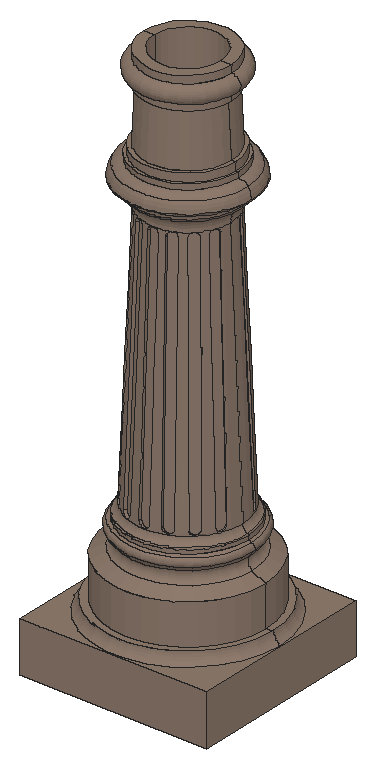
Revit family "CB0300", category Generic Models, Revit 2014
Parameters
  BODY = Bronze, Architectural
  BASE = Bronze, Architectural
Reference planes (in)
  plane 1 "Center (Front/Back)": y = 0
  plane 2: z = 0
  plane 3 "Center (Left/Right)": x = 0
Forms (in)
  Revolve 1, solid, material "Bronze, Architectural" <- "BODY"
    sketch origin (0, 0, 0) x (1, 0, 0) y (0, 0, 1)
      loop
        line (0, 0) -> (0, 26) -> (-2.0625, 26) -> (-2.0625, 25.65625)
        arc (-2.0625, 25.65625) -> (-2.46875, 25.25) -> (-2.0625, 24.84375) r 0.40625
        line (-2.0625, 24.84375) -> (-2.0625, 24.5) -> (-1.9375, 24.5) -> (-2.0625, 22) -> (-2.25, 22) -> (-2.25, 21.625) -> (-2.375, 21.625) -> (-2.375, 21.375)
        arc (-2.375, 21.375) -> (-2.63298, 21.32572) -> (-2.8311, 21.15329) r 0.50379
        arc (-2.8311, 21.15329) -> (-2.95236, 20.91694) -> (-2.99957, 20.65552) r 0.90269
        arc (-2.99957, 20.65552) -> (-2.99168, 20.63385) -> (-2.971, 20.62342) r 0.03137
        arc (-2.971, 20.62342) -> (-2.67697, 20.48698) -> (-2.53744, 20.19441) r 0.47834
        arc (-2.53744, 20.19441) -> (-2.51342, 20.13748) -> (-2.46508, 20.09901) r 0.125
        arc (-2.46508, 20.09901) -> (-2.13449, 19.80512) -> (-2.03125, 19.375) r 0.73825
        line (-2.03125, 19.375) -> (-2.55889, 6.8978)
        arc (-2.55889, 6.8978) -> (-2.63513, 6.68768) -> (-2.80857, 6.5467) r 0.41883
        arc (-2.80857, 6.5467) -> (-2.83423, 6.52364) -> (-2.84375, 6.49049) r 0.0625
        line (-2.84375, 6.49049) -> (-2.84375, 6.3125)
        arc (-2.84375, 6.3125) -> (-2.92899, 6.28767) -> (-3.00554, 6.24271) r 0.35954
        arc (-3.00554, 6.24271) -> (-3.12085, 6.07486) -> (-3.07303, 5.87691) r 0.25
        line (-3.07303, 5.87691) -> (-2.89688, 5.64831)
        arc (-2.89688, 5.64831) -> (-2.82743, 5.33998) -> (-3.01832, 5.08807) r 0.375
        line (-3.01832, 5.08807) -> (-3.65625, 4.75) -> (-3.65625, 0.875) -> (-4.0625, 0.875) -> (-4.0625, 0) -> (0, 0)
      axis (0, 26) -> (0, 0)
    angle from 0 to 360
  Revolve 2, solid, material "Bronze, Architectural" <- "BASE"
    sketch origin (0, 0, 0) x (1, 0, 0) y (0, 0, 1)
      loop
        line (-4.3095, 2.375) -> (0, 2.375) -> (0, 2.875) -> (-4, 2.875)
        arc (-4, 2.875) -> (-4.09457, 2.58775) -> (-4.3095, 2.375) r 0.64606
      axis (0, 2.875) -> (0, 2.375)
    angle from 0 to 360
  Extrusion 3, solid, material "Bronze, Architectural" <- "BASE"
    sketch origin (0, 0, 0) x (1, 0, 0) y (0, 0, 1)
      loop
        line (4.375, 2.375) -> (-4.375, 2.375) -> (-4.375, 0) -> (4.375, 0) -> (4.375, 2.375)
    from -4.375 to 4.375
  Extrusion 4, void
    sketch origin (0, 0.57497, -0.07759) x (1, 0, 0) y (0, -0.043619, 0.999048)
      loop
        line (0.25, 7.1478) -> (0.25, 19.125)
        arc (0.25, 19.125) -> (0, 19.375) -> (-0.25, 19.125) r 0.25
        line (-0.25, 19.125) -> (-0.25, 7.1478)
        arc (-0.25, 7.1478) -> (0, 6.8978) -> (0.25, 7.1478) r 0.25
    from -2.43291 to -2.1563
  Extrusion 5, void
    sketch origin (0.22003, 0.5312, -0.07759) x (0.92388, -0.382683, 0) y (-0.016692, -0.040299, 0.999048)
      loop
        line (0.25, 7.1478) -> (0.25, 19.125)
        arc (0.25, 19.125) -> (0, 19.375) -> (-0.25, 19.125) r 0.25
        line (-0.25, 19.125) -> (-0.25, 7.1478)
        arc (-0.25, 7.1478) -> (0, 6.8978) -> (0.25, 7.1478) r 0.25
    from -2.43291 to -2.1563
  Extrusion 6, void
    sketch origin (0.40656, 0.40656, -0.07759) x (0.707107, -0.707107, 0) y (-0.030844, -0.030844, 0.999048)
      loop
        line (0.25, 7.1478) -> (0.25, 19.125)
        arc (0.25, 19.125) -> (0, 19.375) -> (-0.25, 19.125) r 0.25
        line (-0.25, 19.125) -> (-0.25, 7.1478)
        arc (-0.25, 7.1478) -> (0, 6.8978) -> (0.25, 7.1478) r 0.25
    from -2.43291 to -2.1563
  Extrusion 7, void
    sketch origin (0.5312, 0.22003, -0.07759) x (0.382683, -0.92388, 0) y (-0.040299, -0.016692, 0.999048)
      loop
        line (0.25, 7.1478) -> (0.25, 19.125)
        arc (0.25, 19.125) -> (0, 19.375) -> (-0.25, 19.125) r 0.25
        line (-0.25, 19.125) -> (-0.25, 7.1478)
        arc (-0.25, 7.1478) -> (0, 6.8978) -> (0.25, 7.1478) r 0.25
    from -2.43291 to -2.1563
  Extrusion 8, void
    sketch origin (-0.22003, 0.5312, -0.07759) x (0.92388, 0.382683, 0) y (0.016692, -0.040299, 0.999048)
      loop
        line (0.25, 7.1478) -> (0.25, 19.125)
        arc (0.25, 19.125) -> (0, 19.375) -> (-0.25, 19.125) r 0.25
        line (-0.25, 19.125) -> (-0.25, 7.1478)
        arc (-0.25, 7.1478) -> (0, 6.8978) -> (0.25, 7.1478) r 0.25
    from -2.43291 to -2.1563
  Extrusion 9, void
    sketch origin (-0.40656, 0.40656, -0.07759) x (0.707107, 0.707107, 0) y (0.030844, -0.030844, 0.999048)
      loop
        line (0.25, 7.1478) -> (0.25, 19.125)
        arc (0.25, 19.125) -> (0, 19.375) -> (-0.25, 19.125) r 0.25
        line (-0.25, 19.125) -> (-0.25, 7.1478)
        arc (-0.25, 7.1478) -> (0, 6.8978) -> (0.25, 7.1478) r 0.25
    from -2.43291 to -2.1563
  Extrusion 10, void
    sketch origin (-0.5312, 0.22003, -0.07759) x (0.382683, 0.92388, 0) y (0.040299, -0.016692, 0.999048)
      loop
        line (0.25, 7.1478) -> (0.25, 19.125)
        arc (0.25, 19.125) -> (0, 19.375) -> (-0.25, 19.125) r 0.25
        line (-0.25, 19.125) -> (-0.25, 7.1478)
        arc (-0.25, 7.1478) -> (0, 6.8978) -> (0.25, 7.1478) r 0.25
    from -2.43291 to -2.1563
  Extrusion 11, void
    sketch origin (0.5312, -0.22003, -0.07759) x (-0.382683, -0.92388, 0) y (-0.040299, 0.016692, 0.999048)
      loop
        line (0.25, 7.1478) -> (0.25, 19.125)
        arc (0.25, 19.125) -> (0, 19.375) -> (-0.25, 19.125) r 0.25
        line (-0.25, 19.125) -> (-0.25, 7.1478)
        arc (-0.25, 7.1478) -> (0, 6.8978) -> (0.25, 7.1478) r 0.25
    from -2.43291 to -2.1563
  Extrusion 12, void
    sketch origin (0.40656, -0.40656, -0.07759) x (-0.707107, -0.707107, 0) y (-0.030844, 0.030844, 0.999048)
      loop
        line (0.25, 7.1478) -> (0.25, 19.125)
        arc (0.25, 19.125) -> (0, 19.375) -> (-0.25, 19.125) r 0.25
        line (-0.25, 19.125) -> (-0.25, 7.1478)
        arc (-0.25, 7.1478) -> (0, 6.8978) -> (0.25, 7.1478) r 0.25
    from -2.43291 to -2.1563
  Extrusion 13, void
    sketch origin (0.22003, -0.5312, -0.07759) x (-0.92388, -0.382683, 0) y (-0.016692, 0.040299, 0.999048)
      loop
        line (0.25, 7.1478) -> (0.25, 19.125)
        arc (0.25, 19.125) -> (0, 19.375) -> (-0.25, 19.125) r 0.25
        line (-0.25, 19.125) -> (-0.25, 7.1478)
        arc (-0.25, 7.1478) -> (0, 6.8978) -> (0.25, 7.1478) r 0.25
    from -2.43291 to -2.1563
  Extrusion 14, void
    sketch origin (-0.22003, -0.5312, -0.07759) x (-0.92388, 0.382683, 0) y (0.016692, 0.040299, 0.999048)
      loop
        line (0.25, 7.1478) -> (0.25, 19.125)
        arc (0.25, 19.125) -> (0, 19.375) -> (-0.25, 19.125) r 0.25
        line (-0.25, 19.125) -> (-0.25, 7.1478)
        arc (-0.25, 7.1478) -> (0, 6.8978) -> (0.25, 7.1478) r 0.25
    from -2.43291 to -2.1563
  Extrusion 15, void
    sketch origin (-0.40656, -0.40656, -0.07759) x (-0.707107, 0.707107, 0) y (0.030844, 0.030844, 0.999048)
      loop
        line (0.25, 7.1478) -> (0.25, 19.125)
        arc (0.25, 19.125) -> (0, 19.375) -> (-0.25, 19.125) r 0.25
        line (-0.25, 19.125) -> (-0.25, 7.1478)
        arc (-0.25, 7.1478) -> (0, 6.8978) -> (0.25, 7.1478) r 0.25
    from -2.43291 to -2.1563
  Extrusion 16, void
    sketch origin (-0.5312, -0.22003, -0.07759) x (-0.382683, 0.92388, 0) y (0.040299, 0.016692, 0.999048)
      loop
        line (0.25, 7.1478) -> (0.25, 19.125)
        arc (0.25, 19.125) -> (0, 19.375) -> (-0.25, 19.125) r 0.25
        line (-0.25, 19.125) -> (-0.25, 7.1478)
        arc (-0.25, 7.1478) -> (0, 6.8978) -> (0.25, 7.1478) r 0.25
    from -2.43291 to -2.1563
  Extrusion 17, void
    sketch origin (0, -0.57497, -0.07759) x (-1, 0, 0) y (0, 0.043619, 0.999048)
      loop
        line (0.25, 7.1478) -> (0.25, 19.125)
        arc (0.25, 19.125) -> (0, 19.375) -> (-0.25, 19.125) r 0.25
        line (-0.25, 19.125) -> (-0.25, 7.1478)
        arc (-0.25, 7.1478) -> (0, 6.8978) -> (0.25, 7.1478) r 0.25
    from -2.43291 to -2.1563
  Revolve 18, void
    sketch origin (0, 0, 0) x (1, 0, 0) y (0, 0, 1)
      loop
        line (-1.5625, 16) -> (0, 16) -> (0, 26) -> (-1.5625, 26) -> (-1.5625, 16)
      axis (0, 26) -> (0, 16)
    angle from 0 to 360
Cuts and joins
  joined: Revolve 2, Extrusion 3
  Extrusion 4, Extrusion 5, Extrusion 6, Extrusion 7, Extrusion 8, Extrusion 9, Extrusion 10, Extrusion 11, Extrusion 12, Extrusion 13, Extrusion 14, Extrusion 15, Extrusion 16, Extrusion 17, Revolve 18 cuts Revolve 1
Dimensions and locks (in)
  aligned and locked: plane 2 to level
